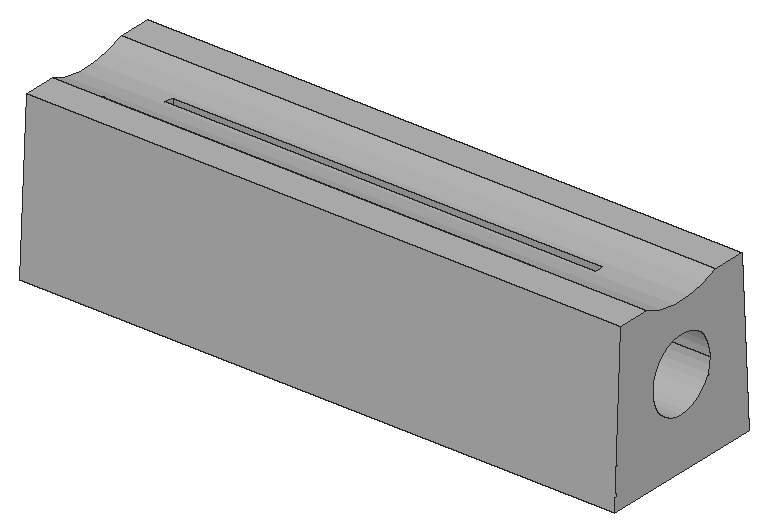
Revit family "K117 DBA2 Safety Kerb", category Generic Models, Revit 2020
Family settings
  Can host rebar = No
  Round Connector Dimension = Use Diameter
  Part Type = Normal
  Work Plane-Based = No
  Always vertical = Yes
  Cut with Voids When Loaded = No
  Shared = No
  Room Calculation Point = No
Parameters
  Weight = "107Kg."
  Warranty Guarantor Parts = "n/a"
  Warranty Guarantor Labour = "n/a"
  Warranty Duration Unit = "n/a"
  Warranty Duration Parts = "n/a"
  Warranty Duration Labour = "n/a"
  Warranty Description = "n/a"
  Unit Width [instance] = 257 mm
  Unit Length [instance] = 914 mm
  Unit Height [instance] = 250 mm
  URL = "www.killeshal.com"
  Types = "Single"
  Type Comments = "Visit our website for a full list of available products."
  Sustainability Performance = "n/a"
  Structural Class = "n/a"
  Span = "Length."
  Slope = "0.00°"
  Size = "257 Wide x 250 High x 914mm Long."
  Shape = "As per drawing"
  Service Life = "0.000000"
  Serial Number = "n/a"
  Resistance to Fire = "n/a"
  Replacement Cost = "n/a"
  Reference = "n/a"
  Notified Body = "n/a"
  Nominal Cover to Main Bar = "n/a"
  Model = "K/117 Kerb."
  Mechanical Resistance = "n/a"
  Manufacturer = "Killeshal Precast Concrete Ltd."
  Load Bearing = no
  Life Cycle Environmental Load = "n/a"
  Length Options = "914mm."
  Keynote = "The information contained is the sole property of KPC Ltd., any reproduction in part or whole without permission of KPC Ltd. is prohibited."
  Environmental Product Declaration = "n/a"
  Environmental Class = "n/a"
  Durability against Corrosion = "n/a"
  Dimension Accuracy Class = "I.S. EN 1340:2003"
  Detailing = "As per design specification and product drawings."
  Description = "DBA2 Safety Kerb."
  Default Elevation = 0 mm
  Dangerous Substances = "n/a"
  Contact Tel = "0035357 9353018"
  Contact Email = "sales@killeshal.com"
  Construction Type = "Precast"
  Construction Tolerance Class = "I.S. EN 1340:2003"
  Compressive Strength of Concrete = "n/a"
  Characteristics of Reinforcing Steel = "n/a"
  Characteristics Deflection Under Load = "n/a"
Reference planes
  plane 1 "Center (Front/Back)": y = 0
  plane 2: z = 0
  plane 3 "Center (Left/Right)": x = 0
  plane 4 "Top": z = 250
  plane 5 "Center L/W": z = 134
  plane 6: x = 914
  plane 7: x = 415
  plane 8 "Center L/BB": y = -116
  plane 9 "Center L/CC": y = 116
  plane 10: x = 789
  plane 11: x = 125
  plane 12 "Center L/DD": y = 128.5
  plane 13 "Center L/EE": y = -128.5
  plane 14 "Center L/FF": z = 188.1
  plane 15 "Center L/GG": y = 7.5
  plane 16 "Center L/HH": y = -7.5
Forms (mm)
  Extrusion 1, solid, material "Precast Concrete (KPC)"
    sketch origin (0, 0, 0) x (0, 1, 0) y (0, 0, 1)
      loop
        line (128.5, 0) -> (116, 250) -> (-116, 250) -> (-128.5, 0) -> (128.5, 0)
    from 0 to 914
  Extrusion 2, void
    sketch origin (0, 0, 9) x (0, 1, 0) y (0, 0, 1)
      loop
        circle (0, 125) r 56
    from 0 to 914
  Extrusion 3, void
    sketch origin (0, 0, 0) x (0, 1, 0) y (0, 0, 1)
      loop
        circle (0, 388) r 153
    from 0 to 914
  Extrusion 4, void
    sketch origin (0, 0, 0) x (0, 1, 0) y (0, 0, 1)
      loop
        line (7.5, 235.184) -> (-7.5, 235.184) -> (-14.463, 188.1) -> (14.463, 188.1) -> (7.5, 235.184)
    from 125 to 789
Cuts and joins
  Extrusion 2, Extrusion 3, Extrusion 4 cuts Extrusion 1
Dimensions and locks
  "Unit Length": Extrusion 1 to Extrusion 1
  "Unit Width": plane 12 "Center L/DD" to plane 13 "Center L/EE"
  "Unit Height": cut or joined group of Extrusion 1, Extrusion 2, Extrusion 3, Extrusion 4 to cut or joined group of Extrusion 1, Extrusion 2, Extrusion 3, Extrusion 4
  plane 9 "Center L/CC" to plane 8 "Center L/BB" = 232 mm
  plane 4 "Top" to cut or joined group of Extrusion 1, Extrusion 2, Extrusion 3, Extrusion 4 = 15 mm
  diameter of cut or joined group of Extrusion 1, Extrusion 2, Extrusion 3, Extrusion 4 = 112 mm
  aligned and locked: level to plane 2
Automatic sketch dimensions
  Extrusion 1 sketch curve to level = 0 mm
  Extrusion 1 sketch curve to plane 13 "Center L/EE" = 0 mm
  Extrusion 1 sketch curve to plane 4 "Top" = 0 mm
  Extrusion 1 sketch curve to plane 8 "Center L/BB" = 0 mm
  Extrusion 1 sketch curve to plane 9 "Center L/CC" = 0 mm
  Extrusion 1 sketch curve to plane 12 "Center L/DD" = 0 mm
  Extrusion 2 sketch curve to plane 1 "Center (Front/Back)" = 0 mm
  Extrusion 2 sketch curve to plane 5 "Center L/W" = 0 mm
  Extrusion 3 sketch curve to plane 1 "Center (Front/Back)" = 0 mm
  plane 4 "Top" to Extrusion 3 sketch curve = 138 mm
  Extrusion 4 sketch curve to plane 14 "Center L/FF" = 0 mm
  Extrusion 4 sketch curve to plane 16 "Center L/HH" = 0 mm
  Extrusion 4 sketch curve to plane 15 "Center L/GG" = 0 mm
  Extrusion 4 sketch curve to plane 16 "Center L/HH" = 6.963 mm
  plane 15 "Center L/GG" to Extrusion 4 sketch curve = 6.963 mm
  Extrusion 4 sketch curve to plane 4 "Top" = 14.816 mm
  radius of Extrusion 2 sketch curve = 56 mm
  radius of Extrusion 3 sketch curve = 153 mm
